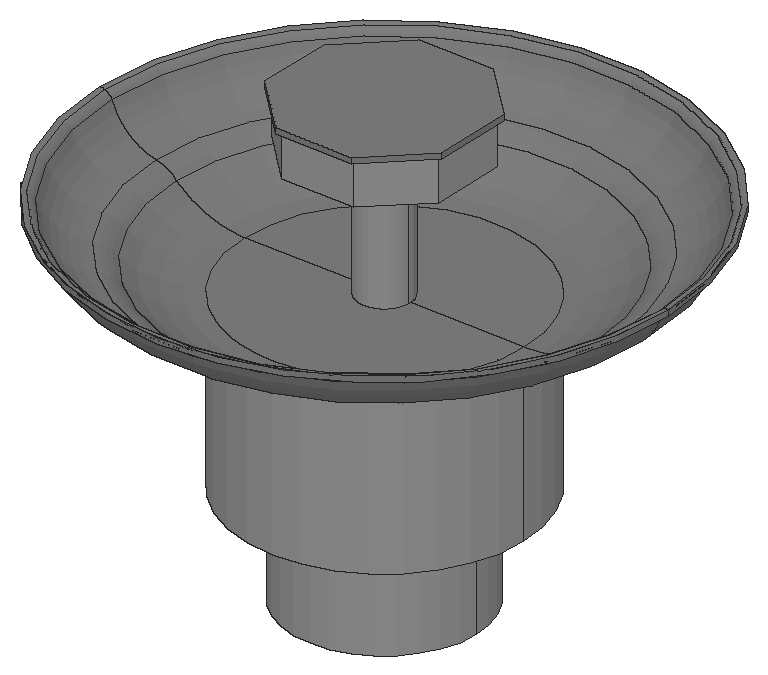
Revit family "Washfountain-Willoughby-WAF-5408-FLR", category Plumbing Fixtures, Revit 2015
Parameters (values of type "Standard")
  Waste DIA = 2"
  Waste Connection = yes
  Vent Connection = no
  URL = "https://www.willoughby-ind.com/wp-content/uploads/2018/01/WAF-5408.pdf"
  Solid Surface Sink = Solid Surface Acrylic Resin-Willoughby
  Revision = "A"
  Model = "WAF-5408-FLR"
  Manufacturer = "Willoughby Industries"
  HW Connection = no
  Fixture Body = Stainless Steel AISI 304-Willoughby
  Description = "8 station Washfountain, Floor Mounted"
  Default Elevation = 0' - 0"
  Contact = "(800) 428-4065"
  CW Connection = no
Reference planes (in)
  plane 1 "Center (Front/Back)": y = 0
  plane 2: z = 0
  plane 3 "Center (Left/Right)": x = 0
  plane 4: through (-5.65685, 5.65685, 48) normal (-0.7071, 0.7071, 0)
  plane 5: through (-5.65685, -5.65685, 48) normal (-0.7071, -0.7071, 0)
  plane 6: through (5.65685, 5.65685, 48) normal (-0.7071, -0.7071, 0)
  plane 7: z = 3
Forms (in)
  Extrusion 1, solid, material "Stainless Steel AISI 304-Willoughby" <- "Fixture Body"
    sketch origin (0, 0, 0) x (1, 0, 0) y (0, 1, 0)
      loop
        circle (0, 0) r 8.75
    from 0 to 9.5
  Extrusion 2, solid, material "Stainless Steel AISI 304-Willoughby" <- "Fixture Body"
    sketch origin (0, 0, 0) x (1, 0, 0) y (0, 1, 0)
      loop
        circle (0, 0) r 13.25
    from 9.5 to 25.5
  Revolve 3, solid, material "Solid Surface Acrylic Resin-Willoughby"
    sketch origin (0, 0, 0) x (1, 0, 0) y (0, 0, 1)
      loop
        line (-27, 34) -> (-27, 33.5)
        arc (-27, 33.5) -> (-26.59255, 33.38135) -> (-26.3125, 33.0625) r 0.75893
        arc (-26.3125, 33.0625) -> (-24.55666, 30.50638) -> (-21.75, 29.1875) r 5.92434
        arc (-21.75, 29.1875) -> (-20.85491, 28.8619) -> (-20.125, 28.25) r 2.7446
        arc (-20.125, 28.25) -> (-16.94474, 26.23191) -> (-13.25, 25.5) r 10.2412
        line (-13.25, 25.5) -> (0, 25.5) -> (0, 26) -> (-13.27825, 26)
        arc (-13.27825, 26) -> (-16.75659, 26.66651) -> (-19.74217, 28.57162) r 9.40952
        arc (-19.74217, 28.57162) -> (-20.60505, 29.295) -> (-21.6632, 29.67991) r 3.2446
        arc (-21.6632, 29.67991) -> (-24.24112, 30.8944) -> (-25.84767, 33.24806) r 5.42434
        arc (-25.84767, 33.24806) -> (-26.1125, 33.63396) -> (-26.5, 33.89645) r 1.25893
        arc (-26.5, 33.89645) -> (-26.7447, 33.97384) -> (-27, 34) r 1.25893
      axis (0, 34) -> (0, 25.5)
    angle from 0 to 360
  Revolve 4, solid, material "Stainless Steel AISI 304-Willoughby" <- "Fixture Body"
    sketch origin (0, -0.05184, 0) x (1, 0, 0) y (0, 0, 1)
      loop
        line (0, 25.5) -> (2.40625, 25.5) -> (2.40625, 38) -> (0, 38) -> (0, 25.5)
      axis (0, 38) -> (0, 25.5)
    angle from 0 to 360
  Extrusion 5, solid, material "Stainless Steel AISI 304-Willoughby" <- "Fixture Body"
    sketch origin (0, 0, 42) x (1, 0, 0) y (0, 1, 0)
      loop
        line (-8, -3.31371) -> (-3.31371, -8) -> (3.54708, -8) -> (8, -3.54708) -> (8, 3.31371) -> (3.31371, 8) -> (-3.31371, 8) -> (-8, 3.31371) -> (-8, -3.31371)
    from 0 to -4
  Extrusion 6, solid, material "Solid Surface Acrylic Resin-Willoughby" <- "Solid Surface Sink"
    sketch origin (0, 0, 42) x (1, 0, 0) y (0, 1, 0)
      loop
        line (-8.5, 3.52082) -> (-8.5, -3.52082) -> (-3.52082, -8.5) -> (3.75418, -8.5) -> (8.5, -3.75418) -> (8.5, 3.52082) -> (3.52082, 8.5) -> (-3.52082, 8.5) -> (-8.5, 3.52082)
    from 0 to 0.5
  Revolve 7, solid
    sketch origin (0, 0, 0) x (1, 0, 0) y (0, 0, 1)
      loop
        line (-4, 3) -> (-4, 6) -> (-5, 6) -> (-5, 3) -> (-4, 3)
      axis (-4, 6) -> (-4, 3)
    angle from 0 to 360
Lines and regions (in)
  symbolic lines
    curve 1: line (0, 13.36536, 25.59533) -> (0, -14.54375, 25.59533)
    curve 2: arc (0, 13.36536, 25.59533) -> (0, 17.06766, 26.30832) -> (0, 20.24036, 28.34533) r 9.96875
    curve 3: arc (0, 20.24036, 28.34533) -> (0, 21.14452, 29.04883) -> (0, 22.24512, 29.36681) r 3.03325
    curve 4: arc (0, 22.24512, 29.36681) -> (0, 24.81503, 30.73433) -> (0, 26.42786, 33.15783) r 5.94635
    curve 5: arc (0, 26.42786, 33.15783) -> (0, 26.70804, 33.47646) -> (0, 27.11536, 33.59533) r 0.76031
    curve 6: line (0, 27.11536, 33.59533) -> (0, 27.11536, 34)
    curve 7: line (0, 27.11536, 34) -> (0, -27, 34)
    curve 8: line (0, -27, 34) -> (0, -27, 33.5)
    curve 9: arc (0, -27, 33.5) -> (0, -26.5901, 33.3852) -> (0, -26.3125, 33.0625) r 0.73529
    curve 10: arc (0, -26.3125, 33.0625) -> (0, -24.52807, 30.48428) -> (0, -21.67915, 29.17466) r 5.9367
    curve 11: arc (0, -21.67915, 29.17466) -> (0, -20.82465, 28.84247) -> (0, -20.125, 28.25) r 2.77537
    curve 12: arc (0, -20.125, 28.25) -> (0, -17.53971, 26.49097) -> (0, -14.54375, 25.59533) r 10.22709
    curve 13: circle (0, 0, 0) r 27 normal (0, 0, 1)
    curve 17: line (-2.40625, -0.0172, 38) -> (-2.40625, -0.0172, 34)
    curve 18: line (-8, 0.03464, 38.01202) -> (8, 0.03464, 38.01202)
    curve 19: line (8, 0.15287, 42.01031) -> (-8, 0.15287, 42.01031)
    curve 29: line (0, -8, 42) -> (0, -8, 38)
    curve 30: line (0, -8, 38) -> (0, 8, 38)
    curve 31: line (0, 8, 38) -> (0, 8, 42)
    curve 32: line (0, 8, 42) -> (0, -8, 42)
    curve 34: line (0, 2.36201, 38) -> (0, 2.36201, 34)
    curve 35: line (0, -2.45682, 38) -> (0, -2.45682, 34)
    curve 36: line (0, 27.11536, 33.59533) -> (0, 27.11536, 34)
    curve 37: line (0, 27.11536, 34) -> (0, -27, 34)
    curve 38: line (0, -27, 34) -> (0, -27, 33.5)
    curve 39: arc (0, -27, 33.5) -> (0, -26.5901, 33.3852) -> (0, -26.3125, 33.0625) r 0.73529
    curve 40: arc (0, -26.3125, 33.0625) -> (0, -24.52807, 30.48428) -> (0, -21.67915, 29.17466) r 5.9367
    curve 41: arc (0, -21.67915, 29.17466) -> (0, -20.81482, 28.85899) -> (0, -20.125, 28.25) r 2.48085
    curve 42: arc (0, -20.125, 28.25) -> (0, -17.53971, 26.49097) -> (0, -14.54375, 25.59533) r 10.22709
    curve 43: arc (0, -14.54375, 25.59533) -> (0, -13.89839, 25.52713) -> (0, -13.25, 25.5) r 10.22709
    curve 44: arc (0, -13.25, 25.5) -> (0, 0, 25.43319) -> (0, 13.25, 25.5) r 1313.9922
    curve 45: arc (0, 13.25, 25.5) -> (0, 16.94512, 26.23096) -> (0, 20.125, 28.25) r 10.22709
    curve 46: arc (0, 20.125, 28.25) -> (0, 21.0752, 29.01697) -> (0, 22.24512, 29.36681) r 3.1627
    curve 47: arc (0, 22.24512, 29.36681) -> (0, 24.81503, 30.73433) -> (0, 26.42786, 33.15783) r 5.94635
    curve 48: arc (0, 26.42786, 33.15783) -> (0, 26.69617, 33.49512) -> (0, 27.11536, 33.59533) r 0.66101
    curve 49: line (0, 27.11536, 33.59533) -> (0, 27.11536, 34)
    curve 50: line (0, 13.25, 25.5) -> (0, 13.25, 9.5)
    curve 51: line (0, 13.25, 9.5) -> (0, -13.25, 9.5)
    curve 52: line (0, -13.25, 9.5) -> (0, -13.25, 25.5)
    curve 53: line (0, -8.75, 0) -> (0, -8.75, 9.5)
    curve 54: line (0, 8.75, 0) -> (0, -8.75, 0)
    curve 55: line (0, 8.75, 0) -> (0, 8.75, 9.5)
    curve 61: line (8.5, 0, 42.01031) -> (8.5, 0, 42.5)
    curve 62: line (8.5, 0, 42.5) -> (-8.5, 0, 42.5)
    curve 63: line (-8.5, 0, 42.5) -> (-8.5, 0, 42.01031)
    curve 64: line (-8.5, 0, 42.01031) -> (-8, 0, 42.01031)
    curve 65: line (-8, 0, 42.01031) -> (-8, 0, 38)
    curve 66: line (-8, 0, 38) -> (8, 0, 38)
    curve 67: line (8, 0, 38) -> (8, 0, 42.01031)
    curve 68: line (-2.40625, 0, 38) -> (-2.40625, 0, 34)
    curve 69: line (2.40625, 0, 38) -> (2.40625, 0, 34)
    curve 70: line (27, 0, 33.5) -> (27, 0, 34)
    curve 71: line (27, 0, 34) -> (-27, 0, 34)
    curve 72: line (-27, 0, 34) -> (-27, 0, 33.5)
    curve 73: arc (-27, 0, 33.5) -> (-26.59375, 0, 33.37947) -> (-26.3125, 0, 33.0625) r 0.77123
    curve 74: arc (-26.3125, 0, 33.0625) -> (-24.52802, 0, 30.48002) -> (-21.6749, 0, 29.17109) r 5.92691
    curve 75: arc (-21.6749, 0, 29.17109) -> (-20.81279, 0, 28.85722) -> (-20.125, 0, 28.25) r 2.46686
    curve 76: arc (-20.125, 0, 28.25) -> (-16.94618, 0, 26.22831) -> (-13.25, 0, 25.5) r 10.18813
    curve 77: line (-13.25, 0, 25.5) -> (13.25, 0, 25.5)
    curve 78: arc (13.25, 0, 25.5) -> (16.9523, 0, 26.213) -> (20.125, 0, 28.25) r 9.96875
    curve 79: arc (20.125, 0, 28.25) -> (21.00538, 0, 28.94208) -> (22.08276, 0, 29.24753) r 2.89005
    curve 80: arc (22.08276, 0, 29.24753) -> (24.68572, 0, 30.61385) -> (26.3125, 0, 33.0625) r 5.92943
    curve 81: arc (26.3125, 0, 33.0625) -> (26.59291, 0, 33.38078) -> (27, 0, 33.5) r 0.76258
    curve 85: line (13.25, 0, 25.5) -> (13.25, 0, 9.5)
    curve 86: line (13.25, 0, 9.5) -> (-13.25, 0, 9.5)
    curve 87: line (-13.25, 0, 9.5) -> (-13.25, 0, 25.5)
    curve 88: line (-8.75, 0, 9.5) -> (-8.75, 0, 0)
    curve 89: line (-8.75, 0, 0) -> (8.75, 0, 0)
    curve 90: line (8.75, 0, 0) -> (8.75, 0, 9.5)
  symbolic lines, detail levels medium+fine
    curve 14: circle (0, 0, 0) r 13.75 normal (0, 0, 1)
    curve 20: line (-8, 0.15287, 42.01031) -> (-8.5, 0.15287, 42.01031)
    curve 21: line (-8.5, 0.15287, 42.01031) -> (-8.5, 0.15287, 42.51031)
    curve 22: line (-8.5, 0.15287, 42.51031) -> (8.5, 0.15287, 42.51031)
    curve 23: line (8.5, 0.15287, 42.51031) -> (8.5, 0.15287, 42.01031)
    curve 24: line (-3.52082, 0.15287, 42.51031) -> (-3.52082, 0.15287, 42.01031)
    curve 25: line (3.52082, 0.15287, 42.51031) -> (3.52082, 0.15287, 42.01031)
    curve 26: line (0, 8.5, 42) -> (0, 8.5, 42.5)
    curve 27: line (0, 8.5, 42.5) -> (0, -8.5, 42.5)
    curve 28: line (0, -8.5, 42.5) -> (0, -8.5, 42)
    curve 33: line (0, 8, 42) -> (0, 8.5, 42)
    curve 56: line (0, -8.5, 42) -> (0, -8, 42)
    curve 60: line (8, 0, 42.01031) -> (8.5, 0, 42.01031)
  symbolic lines, detail levels fine
    curve 15: circle (0, 0, 0) r 25.84767 normal (0, 0, 1)
    curve 16: circle (0, 0, 0) r 19.74217 normal (0, 0, 1)
    curve 57: line (0, 26.69617, 33.49512) -> (0, -27.05383, 33.49512)
    curve 58: line (0, -26.3125, 33.0625) -> (0, 26.4375, 33.0625)
    curve 59: line (0, 20.125, 28.25) -> (0, -20.125, 28.25)
    curve 82: line (26.8573, 0, 33.48609) -> (-26.8927, 0, 33.48609)
    curve 83: line (-26.3125, 0, 33.0625) -> (26.3125, 0, 33.0625)
    curve 84: line (20.125, 0, 28.25) -> (-20.125, 0, 28.25)
Dimensions and locks (in)
  aligned and locked: Revolve 4 sketch curve to Revolve 4 sketch curve  (x2)
  aligned and locked: Revolve 7 sketch curve to Revolve 7 sketch curve  (x2)
Connectors (in)
  piping at (-4, 0, 3), diameter 2, driven by "Waste DIA", driven by "Waste Connection"
    settings: on Revolve 7, index 1, connector inside diameter 24", connector length 0' - 0", flow factor 0, pipe flow 0 GPM, pressure drop 0.00 psi, fitting loss kfactor 0, connector angle 0.00°, fixture units 0, engagement length 0' - 0", angle of deflection 0.00°, flow configuration 0, flow direction 2, fitting loss method 0, system type 16, joint type 0, gender type 0, connector reference index -1, connector utility 1, adjustable connector no, is connector primary yes, connector description "Sink Waste"
